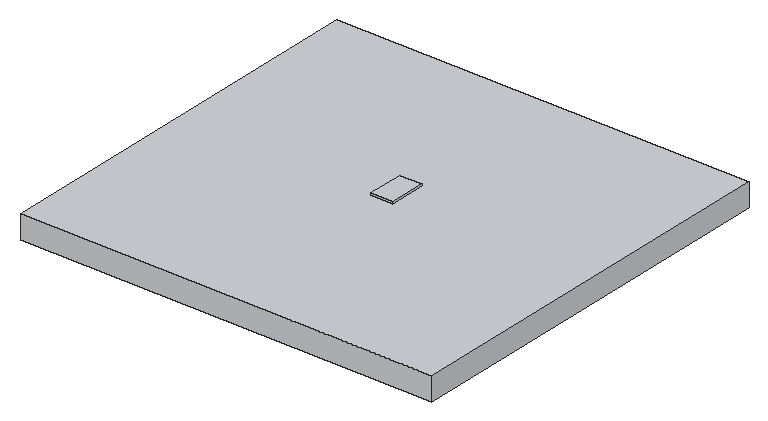
Revit family "f562534fbb2a4d43ba9cee2079bf2c1b", category Lighting Devices, host Face, Revit 2021
Family settings
  Host = Face
  Maintain Annotation Orientation = Yes
  Round Connector Dimension = Use Diameter
  Part Type = Switch
  OmniClass Number = 23.80.50.11.14
  OmniClass Title = Switches
  Seek Item ID = Lighting Switches-0000-USA-ENU
  Cut with Voids When Loaded = No
  Shared = No
  Room Calculation Point = No
Parameters (values of type "Timer")
  Switch Voltage [instance] = 120 V
  Load Classification = Other
  Label = "T"
  Default Elevation = 4' - 0"
  Assembly Code = ""
  Apparent Load = 0 VA
Types (10): name | Label
  Three Way | "3"
  Single Pole | ""
  Four Way | "4"
  Circuit Breaker | "CB"
  Dimmer | "D"
  Door | "DR"
  Key Operated | "K"
  Pilot Lighted | "P"
  Low Voltage | "LV"
  Timer | "T"
Reference planes (in)
  plane 1 "Center (Front/Back)": y = 0
  plane 2: z = 0
  plane 3 "Center (Left/Right)": x = 0
  plane 4: x = -1.375
  plane 5: x = 1.375
  plane 6: x = -0.75
  plane 7: x = 0.75
  plane 8: y = 2.25
  plane 9: y = -2.25
  plane 10: y = 1.5
  plane 11: y = -1.5
  plane 12 "level above": z = 0.1875
  plane 13 "level below": z = -2.125
Forms (in)
  Extrusion 1, solid
    sketch origin (0, 0, 0) x (1, 0, 0) y (0, 1, 0)
      loop
        line (-25.375, 22.5) -> (-25.375, -26.25) -> (25.375, -26.25) -> (25.375, 22.5) -> (-25.375, 22.5)
    from 0 to -2.86111
  Extrusion 2, solid
    sketch origin (0, 0, 0) x (1, 0, 0) y (0, 1, 0)
      loop
        line (-1.375, 2.25) -> (-1.375, -2.25) -> (1.375, -2.25) -> (1.375, 2.25) -> (-1.375, 2.25)
    from 0 to 0.1875
  Extrusion 3, solid
    sketch origin (0, 0, 0) x (1, 0, 0) y (0, 1, 0)
      loop
        line (-0.75, 1.5) -> (-0.75, -1.5) -> (0.75, -1.5) -> (0.75, 1.5) -> (-0.75, 1.5)
    from 0 to -2.125
Lines and regions (in)
  symbolic lines, detail levels fine
    curve 1: line (-1.375, 0, 0.1875) -> (1.375, 0, 0.1875)
    curve 2: line (-1.375, 0, 0) -> (-1.375, 0, 0.1875)
    curve 3: line (1.375, 0, 0) -> (-1.375, 0, 0)
    curve 4: line (1.375, 0, 0.1875) -> (1.375, 0, 0)
    curve 5: line (-0.75, 0, -2.125) -> (0.75, 0, -2.125)
    curve 6: line (-0.75, 0, 0) -> (-0.75, 0, -2.125)
    curve 7: line (0.75, 0, -2.125) -> (0.75, 0, 0)
Dimensions and locks (in)
  equal spacing: plane 6, plane 3 "Center (Left/Right)", plane 7, locked at 0.75 each
  locked: plane 6 to plane 7 at 1.5
  equal spacing: plane 4, plane 3 "Center (Left/Right)", plane 5, locked at 1.375 each
  locked: plane 4 to plane 5 at 2.75
  locked: plane 8 to plane 9 at 4.5
  locked: plane 12 "level above" to level at 0.1875
  locked: level to plane 13 "level below" at 2.125
  locked: plane 10 to plane 11 at 3
  equal spacing: plane 10, plane 1 "Center (Front/Back)", plane 11, locked at 1.5 each
  equal spacing: plane 8, plane 1 "Center (Front/Back)", plane 9, locked at 2.25 each
  aligned and locked: plane 2 to Extrusion 1
  aligned and locked: level to Extrusion 1
  aligned and locked: plane 8 to Extrusion 2
  aligned and locked: Extrusion 2 to plane 9
  aligned and locked: plane 5 to Extrusion 2
  aligned and locked: Extrusion 2 to plane 4
  aligned and locked: Extrusion 2 to level
  aligned and locked: plane 12 "level above" to Extrusion 2
  aligned and locked: plane 10 to Extrusion 3
  aligned and locked: Extrusion 3 to plane 6
  aligned and locked: plane 7 to Extrusion 3
  aligned and locked: Extrusion 3 to plane 11
  aligned and locked: Extrusion 3 to level
  aligned and locked: Extrusion 3 to plane 13 "level below"
  aligned and locked: plane 3 "Center (Left/Right)" to nested 1
  aligned and locked: plane 1 "Center (Front/Back)" to nested 1
  aligned and locked: curve 1 to plane 12 "level above"
  aligned and locked: plane 2 to curve 3
  aligned and locked: curve 5 to plane 13 "level below"
Automatic sketch dimensions
  Extrusion 2 sketch curve to plane 4 = 0' - 0"
  Extrusion 2 sketch curve to plane 5 = 0' - 0"
  Extrusion 2 sketch curve to plane 9 = 0' - 0"
  Extrusion 2 sketch curve to plane 8 = 0' - 0"
  Extrusion 3 sketch curve to plane 6 = 0' - 0"
  Extrusion 3 sketch curve to plane 7 = 0' - 0"
  Extrusion 3 sketch curve to plane 11 = 0' - 0"
  Extrusion 3 sketch curve to plane 10 = 0' - 0"
  Extrusion 1 sketch curve to Extrusion 1 sketch curve = 4' - 2 3/4"
  Extrusion 1 sketch curve to Extrusion 1 sketch curve = 4' - 0 3/4"
  curve 2 to plane 4 = 0' - 0"
  curve 3 to plane 5 = 0' - 0"
  plane 4 to curve 7 = 0' - 2 1/8"
  curve 5 to curve 5 = 0' - 1 1/2"
Nested families (in)
  nested 1: "Lighting Switches Annotation" at (0, 0, 0), type "Lighting Switches Annotation", detail levels coarse+medium
Connectors (in)
  electrical at (0, 1.5, -1.0625), driven by "Switch Voltage", driven by "Apparent Load", driven by "Load Classification"
    settings: on Extrusion 3, index 1, voltage 120 V, apparent load 0 VA, apparent load phase1 0 VA, apparent load phase2 0 VA, apparent load phase3 0 VA, power factor 1, load classification "Other", number of poles 1, system type 31, power factor state 1, is connector primary yes, connector utility no, sub classification motor no, connector description ""
Definition of nested family "Lighting Switches Annotation"
  Parameters
    Label = "T"
  Reference planes (in)
    plane 1: y = 0
    plane 2: x = 0
  Lines and regions (in)
    detail lines
      curve 1: line (0, 0.125, 0) -> (0, 0, 0)
      curve 3: arc (0.01506, 0.11153, 0) -> (-0.02442, 0.09683, 0) -> (0, 0.0625, 0) r 0.02655
      curve 4: arc (0, 0.0625, 0) -> (0.01543, 0.02147, 0) -> (-0.02827, 0.02483, 0) r 0.02599
    reference lines
      curve 2: line (0, 0.0625, 0) -> (-0.11983, 0.0625, 0)
      curve 5: line (0.10095, -0.04722, 0) -> (0.10095, 0.09386, 0)
      curve 6: line (0.10095, -0.04722, 0) -> (0.28349, -0.04722, 0)
      curve 7: line (0.10095, 0.04579, 0) -> (0.31014, 0.04579, 0)
  Text (in)
    label "2" at (0.06269, -0.00499, 0), shows "Label"
  Dimensions and locks (in)
    locked: curve 6 to curve 7 at 0.09301
    locked: curve 1 to curve 5 at 0.10095
    locked: curve 1 to curve 1 at 0.125
    locked: plane 1 to curve 2 at 0.0625
    aligned and locked: curve 1 to curve 2
    aligned and locked: curve 3 to curve 2
    aligned and locked: curve 4 to curve 2
    aligned and locked: plane 1 to curve 1
    aligned and locked: curve 1 to plane 2
    aligned and locked: plane 2 to curve 1
